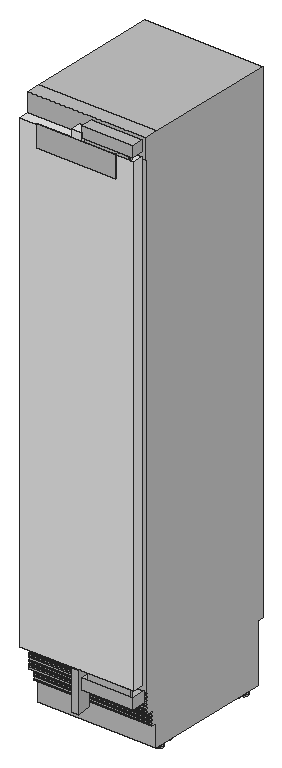
Revit family "FP_Revit_18_RS4621FRJK1_Freezer_90001089A", category Specialty Equipment, Revit 2018
Family settings
  Round Connector Dimension = Use Diameter
  Part Type = Normal
  OmniClass Number = 23.40.40.11.11
  OmniClass Title = Refrigerators and Freezers
  Work Plane-Based = No
  Always vertical = Yes
  Cut with Voids When Loaded = Yes
  Shared = No
  Room Calculation Point = No
Parameters (values of type "RS4621FRK1")
  Visibility - Water Connection = no
  Visibility - Visibility Control Note = yes
  Visibility - Clearance Required = yes
  URL = "www.fisherpaykel.com"
  Stainless Steel Door Panels (RD4612L10D) = no
  Product - Width = 451 mm  # constant formula
  Product - Height = 2134 mm  # constant formula
  Product - Depth (exl front panel) = 610 mm  # constant formula
  Model = "RS4621FRK1"
  Material - Handle = Fisher & Paykel - Aluminium
  Material - Door Structure = Fisher & Paykel - White
  Material - Door Front = Fisher & Paykel - Stainless Steel
  Material - Body = Fisher & Paykel - Grey
  Manufacturer = "Fisher & Paykel Appliances"
  Handle Style - Contemporary Square (AHD3-RD21) = no
  Handle Style - Contemporary Round (AHS-RD21) = no
  Description = "46cm Integrated Column Freezer, stainless steel interior"
  Connector Description - Water = "Water Supply not required"
  Connector Description - Electrical = "230 V, 10 amp fused electrical supply"
  Cavity - Width = 457 mm  # constant formula
  Cavity - Height = 2134 mm  # constant formula
  Cavity - Depth = 650 mm  # constant formula
Types (4, lengths in mm): name | Visibility - Water Connection | Model | Description | Connector Description - Water
  (no name) | no | "RS4621FRK1" | "46cm Integrated Column Freezer, stainless steel interior" | "Water Supply not required"
  RS4621FRJK1 | yes | "RS4621FRJK1" | "46cm Integrated Column Freezer with internal ice maker, stainless steel interior" | "1/2 BSP Stainless steel braided hose"
  RS4621FRK1 | no | "RS4621FRK1" | "46cm Integrated Column Freezer, stainless steel interior" | "Water Supply not required"
  RS4621FRJ1 | yes | "RS4621FRJ1" | "46cm Integrated Column Freezer with internal ice maker, white interior" | "1/2 BSP Stainless steel braided hose"
Reference planes
  plane 1 "Datum": y = 0
  plane 2: z = 0
  plane 3 "Center (Left/Right)": x = 0
  plane 4 "Product LHS": x = -225.5
  plane 5 "Product RHS": x = 225.5
  plane 6 "Product - Depth": y = 610
  plane 7 "Cavity LHS": x = -228.5
  plane 8 "Cavity RHS": x = 228.5
  plane 9 "Cavity - Depth": y = 628
  plane 10 "Handle Offset": x = -162.5
  plane 11 "Product Height": z = 2134
  plane 12 "Cavity Height": z = 2134
  plane 13 "Door Panel Datum": y = -4.1
Forms (mm)
  Extrusion 1, solid, material "Fisher & Paykel - Grey" <- "Material - Body", detail levels fine
    sketch origin (0, 0, 0) x (0, 1, 0) y (0, 0, 1)
      loop
        line (100.1, 19.1) -> (587.9, 19.1) -> (587.9, 239.7) -> (610, 239.7) -> (610, 2131.9) -> (105.1, 2131.9) -> (105.1, 2134) -> (49.9, 2134) -> (49.9, 2059) -> (56, 2059) -> (56, 228.6) -> (59.5, 228.6) -> (59.5, 219.7) -> (56.5, 219.7) -> (56.5, 215.9) -> (59.5, 215.9) -> (59.5, 207) -> (56.5, 207) -> (56.5, 203.2) -> (59.5, 203.2) -> (59.5, 194.3) -> (56.5, 194.3) -> (56.5, 190.5) -> (59.5, 190.5) -> (59.5, 181.6) -> (56.5, 181.6) -> (56.5, 177.8) -> (59.5, 177.8) -> (59.5, 168.9) -> (56.5, 168.9) -> (56.5, 165.1) -> (59.5, 165.1) -> (59.5, 156.2) -> (56.5, 156.2) -> (56.5, 152.4) -> (84.1, 152.4) -> (84.1, 143.5) -> (81.1, 143.5) -> (81.1, 139.7) -> (84.1, 139.7) -> (84.1, 130.8) -> (81.1, 130.8) -> (81.1, 127) -> (84.1, 127) -> (84.1, 118.1) -> (81.1, 118.1) -> (81.1, 114.3) -> (84.1, 114.3) -> (84.1, 105.4) -> (81.1, 105.4) -> (81.1, 101.6) -> (100.1, 101.6) -> (100.1, 19.1)
    from -225.5 to 225.5
  Extrusion 2, solid, material "Fisher & Paykel - Grey" <- "Material - Body"
    sketch origin (0, 0, 0) x (1, 0, 0) y (0, 1, 0)
      loop
        circle (-205, 547.8) r 4.1
      loop
        circle (-205, 141.8) r 4.1
      loop
        circle (205, 547.8) r 4.1
      loop
        circle (205, 141.8) r 4.1
    from 3 to 19.5
  Extrusion 3, solid, material "Fisher & Paykel - Grey" <- "Material - Body"
    sketch origin (0, 0, 0) x (1, 0, 0) y (0, 1, 0)
      loop
        circle (-205, 547.8) r 14.5
      loop
        circle (-205, 141.8) r 14.555
      loop
        circle (205, 547.8) r 14.5
      loop
        circle (205, 141.8) r 14.555
    from 0 to 3
  Extrusion 4, solid, material "Fisher & Paykel - Grey" <- "Material - Body", detail levels fine
    sketch origin (0, 0, 0) x (1, 0, 0) y (0, 1, 0)
      loop
        line (-7.5, 49) -> (-13.797, -4.1) -> (13.797, -4.1) -> (7.5, 49) -> (-7.5, 49)
    from 104.2 to 254.2
  Extrusion 5, solid, material "Fisher & Paykel - Grey" <- "Material - Body", detail levels fine
    sketch origin (0, 0, 0) x (1, 0, 0) y (0, 0, 1)
      loop
        line (213.9, 2123.15) -> (18.92, 2123.15) -> (18.92, 2081.05) -> (213.9, 2081.05) -> (213.9, 2123.15)
    from -49 to -2.5
  Extrusion 6, solid, material "Fisher & Paykel - Grey" <- "Material - Body", detail levels fine
    sketch origin (0, 0, 0) x (1, 0, 0) y (0, 0, 1)
      loop
        line (41.9, 254.2) -> (41.9, 229.75) -> (206.9, 229.75) -> (206.9, 254.2) -> (41.9, 254.2)
      loop
        line (29.5, 2081.05) -> (29.5, 2068.6) -> (206.9, 2068.6) -> (206.9, 2076.05) -> (166.9, 2081.05) -> (29.5, 2081.05)
    from -7 to -4
  Extrusion 7, solid, material "Fisher & Paykel - Grey" <- "Material - Body", detail levels fine
    sketch origin (0, 0, 0) x (0, 1, 0) y (0, 0, 1)
      loop
        line (0, 2070.6) -> (0, 1988.6) -> (2, 1988.6) -> (2, 2068.6) -> (4, 2068.6) -> (4, 2070.6) -> (0, 2070.6)
    from -150 to 150
  Extrusion 8, solid, material "Fisher & Paykel - Grey" <- "Material - Body"
    sketch origin (0, 0, 0) x (1, 0, 0) y (0, 0, 1)
      loop
        circle (150.5, 119.813) r 5
      loop
        circle (-150.5, 119.813) r 5
    from -590 to -587.9
  Extrusion 9, solid, material "Fisher & Paykel - White" <- "Material - Door Structure"
    sketch origin (0, 0, 0) x (1, 0, 0) y (0, 1, 0)
      loop
        line (-200.5, 56) -> (-200.5, 42) -> (200.5, 42) -> (200.5, 56) -> (-200.5, 56)
    from 269.6 to 2030.7
  Extrusion 10, solid, material "Fisher & Paykel - White" <- "Material - Door Structure"
    sketch origin (0, 0, 0) x (1, 0, 0) y (0, 1, 0)
      loop
        line (-216.9, 42) -> (-216.9, 3) -> (216.9, 3) -> (216.9, 42) -> (-216.9, 42)
    from 254.2 to 2068.6
  Extrusion 11, solid, material "Fisher & Paykel - White" <- "Material - Door Structure", detail levels fine
    sketch origin (0, 0, 0) x (1, 0, 0) y (0, 0, 1)
      loop
        line (-18.92, 2100.1) -> (-18.92, 2068.6) -> (18.92, 2068.6) -> (18.92, 2100.1) -> (-18.92, 2100.1)
    from -42 to -3
  Extrusion 12, solid, material "Fisher & Paykel - Stainless Steel" <- "Material - Door Front", visible <- "Stainless Steel Door Panels (RD4612L10D)"
    sketch origin (0, 0, 0) x (0, 1, 0) y (0, 0, 1)
      loop
        line (-22.1, 2130.8) -> (-22.1, 102) -> (-4.1, 102) -> (-4.1, 2130.8) -> (-22.1, 2130.8)
    from -225.5 to 225.5
  Extrusion 13, solid, material "Fisher & Paykel - Grey" <- "Material - Body", detail levels coarse+medium
    sketch origin (0, 0, 0) x (0, 1, 0) y (0, 0, 1)
      loop
        line (49.9, 2134) -> (49.9, 2059) -> (56, 2059) -> (56, 152.4) -> (81.1, 152.4) -> (81.1, 101.6) -> (100.1, 101.6) -> (100.1, 19.1) -> (587.9, 19.1) -> (587.9, 239.7) -> (610, 239.7) -> (610, 2134) -> (49.9, 2134)
    from -225.5 to 225.5
  Extrusion 14, solid, material "Fisher & Paykel - Grey" <- "Material - Body", detail levels fine
    sketch origin (0, 0, 0) x (1, 0, 0) y (0, 0, 1)
      loop
        line (213.9, 187.65) -> (213.9, 229.75) -> (18.92, 229.75) -> (18.92, 187.65) -> (213.9, 187.65)
    from -56 to -2.5
  Extrusion 15, solid, material "Fisher & Paykel - Grey" <- "Material - Body", detail levels fine
    sketch origin (0, 0, -4) x (0, 1, 0) y (0, 0, 1)
      loop
        arc (163.888, 23.1) -> (180.4, 13.63) -> (196.912, 23.1) r 19.13
        line (196.912, 23.1) -> (163.888, 23.1)
      loop
        arc (493.888, 23.1) -> (510.4, 13.63) -> (526.912, 23.1) r 19.13
        line (526.912, 23.1) -> (493.888, 23.1)
    from 191 to 219
  Extrusion 16, solid, material "Fisher & Paykel - Grey" <- "Material - Body", detail levels fine
    sketch origin (0, 0, -4) x (0, 1, 0) y (0, 0, -1)
      loop
        line (163.888, -23.1) -> (196.912, -23.1)
        arc (196.912, -23.1) -> (180.4, -13.63) -> (163.888, -23.1) r 19.13
      loop
        line (493.888, -23.1) -> (526.912, -23.1)
        arc (526.912, -23.1) -> (510.4, -13.63) -> (493.888, -23.1) r 19.13
    from 191 to 219
  Extrusion 17, solid, material "Fisher & Paykel - Clearance Required", visible <- "Visibility - Clearance Required", detail levels coarse
    sketch origin (0, 0, 0) x (1, 0, 0) y (0, 1, 0)
      loop
        line (-228.5, 628) -> (-228.5, -4.1) -> (228.5, -4.1) -> (228.5, 628) -> (-228.5, 628)
    from 0 to 2134
  Extrusion 18, void
    sketch origin (0, 0, 0) x (1, 0, 0) y (0, 1, 0)
      loop
        line (-228.5, 628) -> (-228.5, -22.1) -> (228.5, -22.1) -> (228.5, 628) -> (-228.5, 628)
    from 0 to 2134
  Extrusion 19, solid, material "Fisher & Paykel - Clearance Required", visible <- "Visibility - Clearance Required", detail levels coarse
    sketch origin (0, 0, 0) x (1, 0, 0) y (0, 1, 0)
      loop
        line (225.5, -22) -> (-225.5, -22)
        arc (-225.5, -22) -> (-5.345, -426.678) -> (453.319, -469.812) r 489.999
        line (453.319, -469.812) -> (431.257, -422.5) -> (458.764, -409.673)
        arc (458.764, -409.673) -> (467.405, -384.436) -> (441.854, -376.771) r 18.51
        line (441.854, -376.771) -> (415.635, -389) -> (262.718, -61.136)
        arc (262.718, -61.136) -> (228.121, -56.773) -> (225.5, -22) r 27.557
    from 0 to 2134
Lines and regions (mm)
  model lines, style "Fisher & Paykel"
    curve 1: line (-225.5, -4.1, 2130.8) -> (225.5, -4.1, 2130.8)
    curve 2: line (-225.5, -4.1, 102) -> (-225.5, -4.1, 2130.8)
    curve 3: line (225.5, -4.1, 102) -> (-225.5, -4.1, 102)
    curve 4: line (225.5, -4.1, 2130.8) -> (225.5, -4.1, 102)
Text (mm)
  text "Due to ongoing product development, product details are subject to change without notice. \nPlease always refer to www.fisherpaykel.com for the most current product information. \n© Fisher & Paykel 2020" at (41.04, -588.295, 0), in view "Ref. Level (Plan)"
Dimensions and locks
  equal spacing: plane 4 "Product LHS", plane 3 "Center (Left/Right)", plane 5 "Product RHS"
  "Product - Width": plane 4 "Product LHS" to plane 5 "Product RHS"
  "Product - Depth (exl front panel)": plane 1 "Datum" to plane 6 "Product - Depth"
  equal spacing: plane 7 "Cavity LHS", plane 3 "Center (Left/Right)", plane 8 "Cavity RHS"
  "Cavity - Width": plane 7 "Cavity LHS" to plane 8 "Cavity RHS"
  plane 4 "Product LHS" to Extrusion 2 sketch curve = 24.6 mm
  Extrusion 8 sketch curve to Extrusion 1 = 119.887 mm  (x2)
  Extrusion 8 sketch curve to plane 5 "Product RHS" = 75 mm
  plane 4 "Product LHS" to Extrusion 8 sketch curve = 75 mm
  Extrusion 1 sketch curve to Extrusion 1 sketch curve = 82.5 mm
  Extrusion 1 sketch curve to Extrusion 1 sketch curve = 209.5 mm
  Extrusion 1 sketch curve to Extrusion 1 sketch curve = 220.6 mm
  Extrusion 3 to level = 3 mm
  Extrusion 13 to Extrusion 10 = 235.1 mm
  Extrusion 13 to Extrusion 9 = 250.5 mm
  Extrusion 13 to Extrusion 13 = 2114.9 mm
  "Product - Height": level to plane 11 "Product Height"
  plane 11 "Product Height" to Extrusion 12 = 3.2 mm
  Extrusion 10 to plane 11 "Product Height" = 65.4 mm
  Extrusion 9 to plane 11 "Product Height" = 103.3 mm
  Extrusion 13 sketch curve to plane 11 "Product Height" = 75 mm
  Extrusion 1 sketch curve to plane 11 "Product Height" = 2.1 mm
  Extrusion 1 sketch curve to plane 11 "Product Height" = 75 mm
  "Cavity - Height": plane 12 "Cavity Height" to level
  plane 1 "Datum" to Extrusion 17 = 628 mm
  plane 1 "Datum" to Extrusion 18 = 628 mm
  plane 4 "Product LHS" to plane 10 "Handle Offset" = 63 mm
  Extrusion 12 to Extrusion 6 sketch curve = 58.6 mm
  Extrusion 6 sketch curve to Extrusion 12 = 18.6 mm
  Extrusion 12 to Extrusion 6 sketch curve = 196 mm
  "Cavity - Depth": plane 9 "Cavity - Depth" to Extrusion 19
  Extrusion 19 to plane 1 "Datum" = 22 mm
  radius of Extrusion 8 sketch curve = 5 mm
  aligned and locked: level to plane 2
  aligned and locked: Extrusion 12 to plane 5 "Product RHS"
  aligned and locked: plane 4 "Product LHS" to Extrusion 12
  aligned and locked: Extrusion 13 to plane 5 "Product RHS"
  aligned and locked: Extrusion 13 to plane 4 "Product LHS"
  aligned and locked: Extrusion 13 sketch curve to plane 11 "Product Height"
  aligned and locked: plane 11 "Product Height" to Extrusion 1 sketch curve
  aligned and locked: Extrusion 15 sketch curve to Extrusion 15 sketch curve
  aligned and locked: Extrusion 16 sketch curve to Extrusion 16 sketch curve
  aligned and locked: Extrusion 1 to plane 5 "Product RHS"
  aligned and locked: plane 4 "Product LHS" to Extrusion 1
  aligned and locked: Extrusion 13 sketch curve to Extrusion 1  (x4)
  aligned and locked: nested 3 to plane 10 "Handle Offset"
  aligned and locked: nested 2 to plane 10 "Handle Offset"
  aligned and locked: Extrusion 18 to Extrusion 1
Automatic sketch dimensions
  Extrusion 1 sketch curve to plane 6 "Product - Depth" = 0 mm
  Extrusion 1 sketch curve to Extrusion 1 sketch curve = 22.1 mm
  Extrusion 1 sketch curve to plane 1 "Datum" = 105.1 mm
  level to Extrusion 1 sketch curve = 19.1 mm
  Extrusion 1 sketch curve to plane 1 "Datum" = 100.1 mm
  Extrusion 1 sketch curve to Extrusion 1 sketch curve = 16 mm
  Extrusion 1 sketch curve to Extrusion 1 sketch curve = 0 mm  (x8)
  Extrusion 1 sketch curve to Extrusion 1 sketch curve = 3 mm  (x10)
  Extrusion 1 sketch curve to plane 1 "Datum" = 59.5 mm
  Extrusion 1 sketch curve to plane 1 "Datum" = 56 mm
  Extrusion 1 sketch curve to plane 1 "Datum" = 49.9 mm
  Extrusion 1 sketch curve to Extrusion 1 sketch curve = 3.8 mm  (x10)
  Extrusion 1 sketch curve to Extrusion 1 sketch curve = 8.9 mm  (x9)
  Extrusion 2 sketch curve to plane 4 "Product LHS" = 20.5 mm  (x2)
  plane 5 "Product RHS" to Extrusion 2 sketch curve = 20.5 mm  (x2)
  Extrusion 2 sketch curve to plane 1 "Datum" = 141.8 mm  (x2)
  Extrusion 2 sketch curve to plane 6 "Product - Depth" = 62.2 mm  (x2)
  Extrusion 3 sketch curve to plane 4 "Product LHS" = 20.5 mm  (x2)
  plane 5 "Product RHS" to Extrusion 3 sketch curve = 20.5 mm  (x2)
  Extrusion 3 sketch curve to plane 1 "Datum" = 141.8 mm  (x2)
  Extrusion 3 sketch curve to plane 6 "Product - Depth" = 62.2 mm  (x2)
  plane 1 "Datum" to Extrusion 4 sketch curve = 4.1 mm
  Extrusion 4 sketch curve to plane 3 "Center (Left/Right)" = 13.797 mm
  Extrusion 4 sketch curve to plane 3 "Center (Left/Right)" = 7.5 mm
  plane 3 "Center (Left/Right)" to Extrusion 4 sketch curve = 7.5 mm
  plane 3 "Center (Left/Right)" to Extrusion 4 sketch curve = 13.797 mm
  Extrusion 4 sketch curve to plane 1 "Datum" = 49 mm
  plane 3 "Center (Left/Right)" to Extrusion 5 sketch curve = 18.92 mm
  plane 5 "Product RHS" to Extrusion 5 sketch curve = 11.6 mm
  plane 11 "Product Height" to Extrusion 5 sketch curve = 52.95 mm
  plane 11 "Product Height" to Extrusion 5 sketch curve = 10.85 mm
  plane 3 "Center (Left/Right)" to Extrusion 6 sketch curve = 41.9 mm
  plane 5 "Product RHS" to Extrusion 6 sketch curve = 18.6 mm
  level to Extrusion 6 sketch curve = 229.75 mm
  Extrusion 6 sketch curve to Extrusion 6 sketch curve = 24.45 mm
  plane 11 "Product Height" to Extrusion 6 sketch curve = 65.4 mm
  Extrusion 6 sketch curve to Extrusion 6 sketch curve = 7.45 mm
  Extrusion 6 sketch curve to Extrusion 6 sketch curve = 5 mm
  Extrusion 7 sketch curve to plane 1 "Datum" = 0 mm
  Extrusion 7 sketch curve to plane 1 "Datum" = 2 mm
  Extrusion 7 sketch curve to Extrusion 7 sketch curve = 2 mm  (x2)
  plane 11 "Product Height" to Extrusion 7 sketch curve = 145.4 mm
  plane 11 "Product Height" to Extrusion 7 sketch curve = 65.4 mm
  Extrusion 9 sketch curve to plane 4 "Product LHS" = 25 mm
  plane 5 "Product RHS" to Extrusion 9 sketch curve = 25 mm
  Extrusion 9 sketch curve to plane 1 "Datum" = 42 mm
  Extrusion 9 sketch curve to Extrusion 9 sketch curve = 14 mm
  Extrusion 10 sketch curve to plane 1 "Datum" = 3 mm
  Extrusion 10 sketch curve to plane 4 "Product LHS" = 8.6 mm
  plane 5 "Product RHS" to Extrusion 10 sketch curve = 8.6 mm
  Extrusion 10 sketch curve to Extrusion 10 sketch curve = 39 mm
  Extrusion 11 sketch curve to plane 3 "Center (Left/Right)" = 18.92 mm
  plane 3 "Center (Left/Right)" to Extrusion 11 sketch curve = 18.92 mm
  plane 11 "Product Height" to Extrusion 11 sketch curve = 65.4 mm
  Extrusion 11 sketch curve to Extrusion 11 sketch curve = 31.5 mm
  plane 1 "Datum" to Extrusion 12 sketch curve = 22.1 mm
  plane 1 "Datum" to Extrusion 12 sketch curve = 4.1 mm
  level to Extrusion 12 sketch curve = 102 mm
  plane 11 "Product Height" to Extrusion 12 sketch curve = 3.2 mm
  Extrusion 13 sketch curve to plane 6 "Product - Depth" = 0 mm
  Extrusion 13 sketch curve to plane 6 "Product - Depth" = 22.1 mm
  Extrusion 13 sketch curve to plane 1 "Datum" = 100.1 mm
  Extrusion 13 sketch curve to Extrusion 13 sketch curve = 19 mm
  Extrusion 13 sketch curve to plane 1 "Datum" = 56 mm
  Extrusion 13 sketch curve to plane 1 "Datum" = 49.9 mm
  plane 3 "Center (Left/Right)" to Extrusion 14 sketch curve = 18.92 mm
  plane 5 "Product RHS" to Extrusion 14 sketch curve = 11.6 mm
  level to Extrusion 14 sketch curve = 187.65 mm
  Extrusion 14 sketch curve to Extrusion 14 sketch curve = 42.1 mm
  level to Extrusion 15 sketch curve = 19.1 mm
  Extrusion 15 sketch curve to plane 1 "Datum" = 163.888 mm
  Extrusion 15 sketch curve to Extrusion 15 sketch curve = 16.512 mm  (x2)
  Extrusion 15 sketch curve to plane 6 "Product - Depth" = 116.112 mm
  Extrusion 15 sketch curve to Extrusion 15 sketch curve = 9.66 mm  (x2)
  level to Extrusion 16 sketch curve = 19.1 mm
  Extrusion 16 sketch curve to plane 1 "Datum" = 163.888 mm
  Extrusion 16 sketch curve to Extrusion 16 sketch curve = 16.512 mm  (x2)
  Extrusion 16 sketch curve to plane 6 "Product - Depth" = 116.112 mm
  Extrusion 16 sketch curve to Extrusion 16 sketch curve = 9.66 mm  (x2)
  Extrusion 17 sketch curve to plane 7 "Cavity LHS" = 0 mm
  Extrusion 17 sketch curve to plane 8 "Cavity RHS" = 0 mm
  Extrusion 17 sketch curve to plane 9 "Cavity - Depth" = 0 mm
  plane 1 "Datum" to Extrusion 17 sketch curve = 4.1 mm
  Extrusion 18 sketch curve to plane 7 "Cavity LHS" = 0 mm
  Extrusion 18 sketch curve to plane 8 "Cavity RHS" = 0 mm
  Extrusion 18 sketch curve to plane 9 "Cavity - Depth" = 0 mm
  plane 1 "Datum" to Extrusion 18 sketch curve = 22.1 mm
  Extrusion 19 sketch curve to plane 4 "Product LHS" = 0 mm
  plane 5 "Product RHS" to Extrusion 19 sketch curve = 0 mm
  Extrusion 19 sketch curve to plane 8 "Cavity RHS" = 19.59 mm
  Extrusion 19 sketch curve to Extrusion 19 sketch curve = 14.629 mm
  plane 1 "Datum" to Extrusion 19 sketch curve = 17.663 mm
  Extrusion 19 sketch curve to Extrusion 19 sketch curve = 16.39 mm
  Extrusion 19 sketch curve to plane 8 "Cavity RHS" = 187.135 mm
  Extrusion 19 sketch curve to Extrusion 19 sketch curve = 15.622 mm
  Extrusion 19 sketch curve to Extrusion 19 sketch curve = 26.219 mm
  Extrusion 19 sketch curve to Extrusion 19 sketch curve = 9.088 mm
  Extrusion 19 sketch curve to Extrusion 19 sketch curve = 22.062 mm
  Extrusion 19 sketch curve to Extrusion 19 sketch curve = 7.823 mm
  plane 1 "Datum" to Extrusion 19 sketch curve = 22 mm
  Extrusion 19 sketch curve to Extrusion 19 sketch curve = 20.12 mm
  Extrusion 19 sketch curve to Extrusion 19 sketch curve = 93.041 mm
  Extrusion 19 sketch curve to Extrusion 19 sketch curve = 16.126 mm
  plane 5 "Product RHS" to curve 1 = 0 mm
  plane 4 "Product LHS" to curve 3 = 0 mm
  level to curve 3 = 102 mm
  plane 11 "Product Height" to curve 2 = 3.2 mm
  radius of Extrusion 2 sketch curve = 4.1 mm  (x3)
  radius of Extrusion 3 sketch curve = 14.5 mm  (x2)
  radius of Extrusion 3 sketch curve = 14.555 mm  (x2)
  radius of Extrusion 8 sketch curve = 5 mm
Nested families
  nested 1: "Visibility Control Note 18" at (0, 0, 0), visible <- "Visibility - Visibility Control Note", type "Visibility Control Note 18"
  nested 2: "Handle Contemporary Round - Vertical" at (-162.5, -22.1, 1242.58), visible <- "Handle Style - Contemporary Round (AHS-RD21)", type "AHS-RD21 - Contemporary round handle (Vertical) 852mm"
  nested 3: "Handle Contemporary Square - Vertical" at (-162.5, -22.1, 1242.58), visible <- "Handle Style - Contemporary Square (AHD3-RD21)", type "AHD3-RD21 - Contemporary square handle (Vertical) 852mm"
Connectors
  electrical at (-150.5, 590, 119.813), driven by "Connector Description - Electrical"
    settings: on Extrusion 8, index 1, voltage 230 V, apparent load 0 VA, apparent load phase1 0 VA, apparent load phase2 0 VA, apparent load phase3 0 VA, power factor 1, load classification "Other", number of poles 1, system type 30, power factor state 1, is connector primary yes, connector utility no, sub classification motor no, connector description "230 V, 10 amp fused electrical supply"
  piping at (150.5, 590, 119.813), diameter 12.7, driven by "Connector Description - Water", driven by "Visibility - Water Connection"
    settings: on Extrusion 8, index 2, connector inside diameter 609.6 mm, connector length 0 mm, flow factor 0, pipe flow 0.0 L/s, pressure drop 0.0 Pa, fitting loss kfactor 0, connector angle 0.00°, fixture units 0, engagement length 0 mm, angle of deflection 0.00°, flow configuration 0, flow direction 1, fitting loss method 0, system type 20, joint type 0, gender type 0, connector reference index -1, connector utility 0, adjustable connector no, is connector primary yes, connector description "Water Supply not required"
Definition of nested family "Handle Contemporary Round - Vertical"
  Parameters (values of type "AHSRS80A - Contemporary round handle (1 of 2) (Vertical) 727mm")
    URL = "www.fisherpaykel.com"
    Material - Handle = none
    Manufacturer = "Fisher & Paykel Appliances"
    Handle - Length = 727 mm
  Types (6, lengths in mm): name | Handle - Length
    AHS-RD21 - Contemporary round handle (Vertical) 852mm | 852
    AHSRD2484W - Contemporary round handle (1 of 2) (Vertical) 727mm | 727
    AHSRD3084W - Contemporary round handle (1 of 2) (Vertical) 727mm | 727
    AHS-RD84 - Contemporary round handle (Vertical) 852mm | 852
    AHSRS3272A - Contemporary round handle (1 of 2) (Vertical) 727mm | 727
    AHSRS80A - Contemporary round handle (1 of 2) (Vertical) 727mm | 727
  Reference planes
    plane 1 "Center (Front/Back)": y = 0
    plane 2: z = 0
    plane 3 "Center (Left/Right)": x = 0
    plane 4 "Top": z = 363.5
    plane 5 "Bottom": z = -363.5
    plane 6 "Top Standoff": z = 243.5
    plane 7 "Bottom Standoff": z = -243.5
  Forms (mm)
    Extrusion 1, solid, material <- "Material - Handle"
      sketch origin (0, 0, 0) x (1, 0, 0) y (0, 1, 0)
        loop
          circle (0, -32.3) r 8.7
      from -243.5 to 243.5
    Extrusion 2, solid, material <- "Material - Handle", detail levels fine
      sketch origin (0, 0, 0) x (1, 0, 0) y (0, 1, 0)
        loop
          line (-8.7, 0) -> (-8.7, -32.3)
          arc (-8.7, -32.3) -> (0, -41) -> (8.7, -32.3) r 8.7
          line (8.7, -32.3) -> (8.7, 0) -> (-8.7, 0)
      from 243.5 to 363.5
    Extrusion 3, solid, material <- "Material - Handle", detail levels fine
      sketch origin (0, 0, 0) x (1, 0, 0) y (0, 1, 0)
        loop
          line (-8.7, 0) -> (-8.7, -32.3)
          arc (-8.7, -32.3) -> (0, -41) -> (8.7, -32.3) r 8.7
          line (8.7, -32.3) -> (8.7, 0) -> (-8.7, 0)
      from -363.5 to -243.5
    Sweep 4, void
      path in 3D
        loop
          line (8.7, 0, -363.5) -> (8.7, -32.3, -363.5)
          arc (8.7, -32.3, -363.5) -> (0, -41, -363.5) -> (-8.7, -32.3, -363.5) r 8.7
          line (-8.7, -32.3, -363.5) -> (-8.7, 0, -363.5)
      profile origin (8.7, -16.15, -363.5) x (-1, 0, 0) y (0, 0, -1)
        loop
          line (0, 0) -> (0, -1) -> (1, 0) -> (0, 0)
    Sweep 5, void
      path in 3D
        loop
          line (-8.7, 0, 363.5) -> (-8.7, -32.3, 363.5)
          arc (-8.7, -32.3, 363.5) -> (0, -41, 363.5) -> (8.7, -32.3, 363.5) r 8.7
          line (8.7, -32.3, 363.5) -> (8.7, 0, 363.5)
      profile origin (8.7, -16.15, 363.5) x (-1, 0, 0) y (0, 0, 1)
        loop
          line (0, 0) -> (0, -1) -> (1, 0) -> (0, 0)
    Extrusion 6, solid, material <- "Material - Handle", detail levels coarse+medium
      sketch origin (0, 0, 0) x (1, 0, 0) y (0, 1, 0)
        loop
          line (-8.7, 0) -> (-8.7, -32.3)
          arc (-8.7, -32.3) -> (0, -41) -> (8.7, -32.3) r 8.7
          line (8.7, -32.3) -> (8.7, 0) -> (-8.7, 0)
      from 243.5 to 363.5
    Extrusion 7, solid, material <- "Material - Handle", detail levels coarse+medium
      sketch origin (0, 0, 0) x (1, 0, 0) y (0, 1, 0)
        loop
          line (-8.7, 0) -> (-8.7, -32.3)
          arc (-8.7, -32.3) -> (0, -41) -> (8.7, -32.3) r 8.7
          line (8.7, -32.3) -> (8.7, 0) -> (-8.7, 0)
      from -363.5 to -243.5
  Cuts and joins
    Sweep 4 cuts Extrusion 3
    Sweep 5 cuts Extrusion 2
  Lines and regions (mm)
    sketch lines
      curve 1: line (8.7, 0, -363.5) -> (8.7, -32.3, -363.5)
      curve 2: arc (-8.7, -32.3, -363.5) -> (0, -41, -363.5) -> (8.7, -32.3, -363.5) r 8.7
      curve 3: line (-8.7, -32.3, -363.5) -> (-8.7, 0, -363.5)
      curve 4: line (8.7, -32.3, 363.5) -> (8.7, 0, 363.5)
      curve 5: arc (8.7, -32.3, 363.5) -> (0, -41, 363.5) -> (-8.7, -32.3, 363.5) r 8.7
      curve 6: line (-8.7, 0, 363.5) -> (-8.7, -32.3, 363.5)
  Dimensions and locks
    equal spacing: plane 4 "Top", level, plane 5 "Bottom"
    "Handle - Length": plane 4 "Top" to plane 5 "Bottom"
    locked: plane 4 "Top" to plane 6 "Top Standoff" at 120
    locked: plane 7 "Bottom Standoff" to plane 5 "Bottom" at 120
    Extrusion 2 sketch curve to Extrusion 2 sketch curve = 17.4 mm
    Extrusion 3 sketch curve to Extrusion 3 sketch curve = 17.4 mm
    Extrusion 6 sketch curve to Extrusion 6 sketch curve = 17.4 mm
    Extrusion 7 sketch curve to Extrusion 7 sketch curve = 17.4 mm
    aligned and locked: level to plane 2
    aligned and locked: plane 4 "Top" to Extrusion 2
    aligned and locked: Extrusion 3 to plane 5 "Bottom"
    aligned and locked: plane 7 "Bottom Standoff" to Extrusion 3
    aligned and locked: Extrusion 1 to plane 7 "Bottom Standoff"
    aligned and locked: plane 6 "Top Standoff" to Extrusion 1
    aligned and locked: Extrusion 2 to Extrusion 1
    aligned and locked: Extrusion 6 to Extrusion 1
    aligned and locked: plane 4 "Top" to Extrusion 6
    aligned and locked: Extrusion 7 to Extrusion 1
    aligned and locked: Extrusion 7 to plane 5 "Bottom"
  Automatic sketch dimensions
    Extrusion 1 sketch curve to plane 3 "Center (Left/Right)" = 0 mm
    plane 1 "Center (Front/Back)" to Extrusion 1 sketch curve = 32.3 mm
    plane 1 "Center (Front/Back)" to Extrusion 2 sketch curve = 0 mm
    Extrusion 2 sketch curve to plane 3 "Center (Left/Right)" = 0 mm
    Extrusion 2 sketch curve to plane 3 "Center (Left/Right)" = 8.7 mm
    plane 1 "Center (Front/Back)" to Extrusion 2 sketch curve = 32.3 mm
    plane 1 "Center (Front/Back)" to Extrusion 3 sketch curve = 0 mm
    Extrusion 3 sketch curve to plane 3 "Center (Left/Right)" = 0 mm
    Extrusion 3 sketch curve to plane 3 "Center (Left/Right)" = 8.7 mm
    plane 1 "Center (Front/Back)" to Extrusion 3 sketch curve = 32.3 mm
    Sweep 4 sketch curve to profile plane = 0 mm  (x2)
    Sweep 4 sketch curve to profile plane = 1 mm  (x2)
    Sweep 5 sketch curve to profile plane = 0 mm  (x2)
    Sweep 5 sketch curve to profile plane = 1 mm  (x2)
    Extrusion 6 sketch curve to plane 3 "Center (Left/Right)" = 0 mm
    Extrusion 6 sketch curve to plane 3 "Center (Left/Right)" = 8.7 mm
    plane 1 "Center (Front/Back)" to Extrusion 6 sketch curve = 32.3 mm
    Extrusion 6 sketch curve to Extrusion 6 sketch curve = 32.3 mm
    Extrusion 7 sketch curve to plane 3 "Center (Left/Right)" = 0 mm
    Extrusion 7 sketch curve to plane 3 "Center (Left/Right)" = 8.7 mm
    plane 1 "Center (Front/Back)" to Extrusion 7 sketch curve = 32.3 mm
    Extrusion 7 sketch curve to Extrusion 7 sketch curve = 32.3 mm
    radius of Extrusion 1 sketch curve = 8.7 mm
Definition of nested family "Handle Contemporary Square - Vertical"
  Parameters (values of type "AHD3RS80A - Contemporary square handle (1 of 2) (Vertical) 727mm")
    URL = "www.fisherpaykel.com"
    Material - Handle = none
    Manufacturer = "Fisher & Paykel Appliances"
    Handle - Length = 727 mm
  Types (7, lengths in mm): name | Handle - Length
    (no name) | 727
    AHD3-RD21 - Contemporary square handle (Vertical) 852mm | 852
    AHD3RD2484W - Contemporary square handle (1 of 2) (Vertical) 727mm | 727
    AHD3RD3084W - Contemporary square handle (1 of 2) (Vertical) 727mm | 727
    AHD3-RD84 - Contemporary square handle (Vertical) 852mm | 852
    AHD3RS3272A - Contemporary square handle (1 of 2) (Vertical) 727mm | 727
    AHD3RS80A - Contemporary square handle (1 of 2) (Vertical) 727mm | 727
  Reference planes
    plane 1 "Center (Front/Back)": y = 0
    plane 2: z = 0
    plane 3 "Center (Left/Right)": x = 0
    plane 4 "Top": z = 363.5
    plane 5 "Bottom": z = -363.5
    plane 6 "Top Standoff": z = 243.5
    plane 7 "Bottom Standoff": z = -243.5
  Forms (mm)
    Extrusion 1, solid, material <- "Material - Handle", detail levels fine
      sketch origin (0, 0, 0) x (1, 0, 0) y (0, 1, 0)
        loop
          arc (-7.583, -28.701) -> (-7.89, -29.057) -> (-8, -29.514) r 1
          line (-8, -29.514) -> (-8, -40.5)
          arc (-8, -40.5) -> (-7.561, -41.561) -> (-6.5, -42) r 1.5
          line (-6.5, -42) -> (6.5, -42)
          arc (6.5, -42) -> (7.561, -41.561) -> (8, -40.5) r 1.5
          line (8, -40.5) -> (8, -29.487)
          arc (8, -29.487) -> (7.889, -29.029) -> (7.58, -28.673) r 1
          arc (7.58, -28.673) -> (-0.006, -26.256) -> (-7.583, -28.701) r 13.038
      from -363.5 to 363.5
    Extrusion 2, solid, material <- "Material - Handle", detail levels fine
      sketch origin (0, 0, 0) x (1, 0, 0) y (0, 1, 0)
        loop
          arc (7.058, -28.23) -> (7.466, -28.244) -> (7.674, -27.893) r 0.4
          line (7.674, -27.893) -> (7.674, 0) -> (-7.674, 0) -> (-7.674, -27.86)
          arc (-7.674, -27.86) -> (-7.467, -28.21) -> (-7.06, -28.198) r 0.4
          arc (-7.06, -28.198) -> (0.004, -26.156) -> (7.058, -28.23) r 13.136
      from 243.5 to 363.5
    Extrusion 3, solid, material <- "Material - Handle", detail levels fine
      sketch origin (0, 0, 0) x (1, 0, 0) y (0, 1, 0)
        loop
          arc (7.058, -28.23) -> (7.466, -28.244) -> (7.674, -27.893) r 0.4
          line (7.674, -27.893) -> (7.674, 0) -> (-7.674, 0) -> (-7.674, -27.86)
          arc (-7.674, -27.86) -> (-7.467, -28.21) -> (-7.06, -28.198) r 0.4
          arc (-7.06, -28.198) -> (0.004, -26.156) -> (7.058, -28.23) r 13.136
      from -363.5 to -243.5
    Sweep 4, void
      path in 3D
        loop
          line (-8, -29.514, 363.5) -> (-8, -40.5, 363.5)
          arc (-8, -40.5, 363.5) -> (-7.561, -41.561, 363.5) -> (-6.5, -42, 363.5) r 1.5
          line (-6.5, -42, 363.5) -> (6.5, -42, 363.5)
          arc (6.5, -42, 363.5) -> (7.561, -41.561, 363.5) -> (8, -40.5, 363.5) r 1.5
          line (8, -40.5, 363.5) -> (8, -29.487, 363.5)
      profile origin (8, -34.994, 363.5) x (-1, 0, 0) y (0, 0, 1)
        loop
          line (0, 0) -> (0, -1.3) -> (1.3, 0) -> (0, 0)
    Sweep 5, void
      path in 3D
        loop
          line (8, -29.487, -363.5) -> (8, -40.5, -363.5)
          arc (8, -40.5, -363.5) -> (7.561, -41.561, -363.5) -> (6.5, -42, -363.5) r 1.5
          line (6.5, -42, -363.5) -> (-6.5, -42, -363.5)
          arc (-6.5, -42, -363.5) -> (-7.561, -41.561, -363.5) -> (-8, -40.5, -363.5) r 1.5
          line (-8, -40.5, -363.5) -> (-8, -29.514, -363.5)
      profile origin (8, -34.994, -363.5) x (-1, 0, 0) y (0, 0, -1)
        loop
          line (0, 0) -> (0, -1.3) -> (1.3, 0) -> (0, 0)
    Extrusion 6, void
      sketch origin (0, 0, 0) x (1, 0, 0) y (0, 0, 1)
        loop
          line (-8, -362.2) -> (-8, -363.5) -> (-6.7, -363.5) -> (-8, -362.2)
        loop
          line (8, -362.2) -> (6.7, -363.5) -> (8, -363.5) -> (8, -362.2)
      from 0 to 40
    Extrusion 7, void
      sketch origin (0, 0, 0) x (1, 0, 0) y (0, 0, 1)
        loop
          line (-8, 363.5) -> (-8, 362.2) -> (-6.7, 363.5) -> (-8, 363.5)
        loop
          line (8, 363.5) -> (6.7, 363.5) -> (8, 362.2) -> (8, 363.5)
      from 0 to 40
    Extrusion 8, solid, material <- "Material - Handle", detail levels coarse+medium
      sketch origin (0, 0, 0) x (0, 1, 0) y (0, 0, 1)
        loop
          line (0, 363.5) -> (-42, 363.5) -> (-42, -363.5) -> (0, -363.5) -> (0, -243.5) -> (-26.245, -243.5) -> (-26.245, 243.5) -> (0, 243.5) -> (0, 363.5)
      from -8 to 8
  Cuts and joins
    Sweep 4, Sweep 5, Extrusion 6, Extrusion 7 cuts Extrusion 1
    Extrusion 6 cuts Extrusion 3
    Extrusion 7 cuts Extrusion 2
  Lines and regions (mm)
    sketch lines
      curve 1: line (8, -40.5, 363.5) -> (8, -29.487, 363.5)
      curve 2: arc (8, -40.5, 363.5) -> (7.561, -41.561, 363.5) -> (6.5, -42, 363.5) r 1.5
      curve 3: line (-6.5, -42, 363.5) -> (6.5, -42, 363.5)
      curve 4: arc (-6.5, -42, 363.5) -> (-7.561, -41.561, 363.5) -> (-8, -40.5, 363.5) r 1.5
      curve 5: line (-8, -29.514, 363.5) -> (-8, -40.5, 363.5)
      curve 6: line (8, -29.487, -363.5) -> (8, -40.5, -363.5)
      curve 7: arc (6.5, -42, -363.5) -> (7.561, -41.561, -363.5) -> (8, -40.5, -363.5) r 1.5
      curve 8: line (6.5, -42, -363.5) -> (-6.5, -42, -363.5)
      curve 9: arc (-8, -40.5, -363.5) -> (-7.561, -41.561, -363.5) -> (-6.5, -42, -363.5) r 1.5
      curve 10: line (-8, -40.5, -363.5) -> (-8, -29.514, -363.5)
  Dimensions and locks
    equal spacing: plane 4 "Top", level, plane 5 "Bottom"
    "Handle - Length": plane 4 "Top" to plane 5 "Bottom"
    locked: plane 4 "Top" to plane 6 "Top Standoff" at 120
    locked: plane 7 "Bottom Standoff" to plane 5 "Bottom" at 120
    aligned and locked: level to plane 2
    aligned and locked: plane 4 "Top" to Extrusion 2
    aligned and locked: Extrusion 2 to plane 6 "Top Standoff"
    aligned and locked: plane 4 "Top" to Extrusion 1
    aligned and locked: Extrusion 1 to plane 5 "Bottom"
    aligned and locked: Extrusion 3 to plane 5 "Bottom"
    aligned and locked: plane 7 "Bottom Standoff" to Extrusion 3
    aligned and locked: plane 4 "Top" to Extrusion 8 sketch curve
    aligned and locked: plane 6 "Top Standoff" to Extrusion 8 sketch curve
    aligned and locked: plane 7 "Bottom Standoff" to Extrusion 8 sketch curve
    aligned and locked: plane 5 "Bottom" to Extrusion 8 sketch curve
    aligned and locked: plane 1 "Center (Front/Back)" to Extrusion 8 sketch curve  (x2)
  Automatic sketch dimensions
    Extrusion 1 sketch curve to plane 3 "Center (Left/Right)" = 8 mm
    Extrusion 1 sketch curve to Extrusion 1 sketch curve = 1 mm  (x2)
    Extrusion 1 sketch curve to Extrusion 1 sketch curve = 1.5 mm
    plane 3 "Center (Left/Right)" to Extrusion 1 sketch curve = 0.018 mm
    plane 3 "Center (Left/Right)" to Extrusion 1 sketch curve = 6.5 mm
    plane 3 "Center (Left/Right)" to Extrusion 1 sketch curve = 7 mm
    plane 1 "Center (Front/Back)" to Extrusion 1 sketch curve = 42 mm
    Extrusion 1 sketch curve to Extrusion 1 sketch curve = 1.206 mm
    Extrusion 1 sketch curve to Extrusion 1 sketch curve = 10.986 mm
    Extrusion 1 sketch curve to Extrusion 1 sketch curve = 11.013 mm
    Extrusion 1 sketch curve to Extrusion 1 sketch curve = 0 mm
    plane 1 "Center (Front/Back)" to Extrusion 2 sketch curve = 0 mm
    Extrusion 2 sketch curve to plane 3 "Center (Left/Right)" = 7.674 mm
    Extrusion 2 sketch curve to Extrusion 2 sketch curve = 0.4 mm  (x2)
    Extrusion 2 sketch curve to plane 3 "Center (Left/Right)" = 0.026 mm
    plane 3 "Center (Left/Right)" to Extrusion 2 sketch curve = 7.274 mm
    plane 1 "Center (Front/Back)" to Extrusion 2 sketch curve = 27.86 mm
    Extrusion 2 sketch curve to Extrusion 2 sketch curve = 0.033 mm
    Extrusion 2 sketch curve to Extrusion 2 sketch curve = 11.398 mm
    Extrusion 2 sketch curve to Extrusion 2 sketch curve = 0 mm
    plane 1 "Center (Front/Back)" to Extrusion 3 sketch curve = 0 mm
    Extrusion 3 sketch curve to Extrusion 3 sketch curve = 0.4 mm  (x2)
    Extrusion 3 sketch curve to Extrusion 3 sketch curve = 7.248 mm
    Extrusion 3 sketch curve to Extrusion 3 sketch curve = 7.3 mm
    plane 1 "Center (Front/Back)" to Extrusion 3 sketch curve = 27.86 mm
    Extrusion 3 sketch curve to Extrusion 3 sketch curve = 0.033 mm
    Extrusion 3 sketch curve to Extrusion 3 sketch curve = 11.398 mm
    Extrusion 3 sketch curve to Extrusion 3 sketch curve = 0 mm
    Sweep 4 sketch curve to profile plane = 0 mm  (x2)
    Sweep 4 sketch curve to profile plane = 1.3 mm  (x2)
    Sweep 5 sketch curve to profile plane = 0 mm  (x2)
    Sweep 5 sketch curve to profile plane = 1.3 mm  (x2)
    Extrusion 6 sketch curve to plane 5 "Bottom" = 0 mm  (x2)
    plane 5 "Bottom" to Extrusion 6 sketch curve = 1.3 mm  (x2)
    Extrusion 6 sketch curve to plane 3 "Center (Left/Right)" = 8 mm
    Extrusion 6 sketch curve to Extrusion 6 sketch curve = 1.3 mm  (x2)
    plane 3 "Center (Left/Right)" to Extrusion 6 sketch curve = 8 mm
    Extrusion 7 sketch curve to plane 4 "Top" = 0 mm  (x2)
    Extrusion 7 sketch curve to plane 3 "Center (Left/Right)" = 8 mm
    Extrusion 7 sketch curve to Extrusion 7 sketch curve = 1.3 mm  (x2)
    plane 3 "Center (Left/Right)" to Extrusion 7 sketch curve = 8 mm
    Extrusion 7 sketch curve to plane 4 "Top" = 1.3 mm  (x2)
    plane 1 "Center (Front/Back)" to Extrusion 8 sketch curve = 26.245 mm
    plane 1 "Center (Front/Back)" to Extrusion 8 sketch curve = 42 mm
    Extrusion 3 sketch curve to plane 3 "Center (Left/Right)" = 7.674 mm
Definition of nested family "Visibility Control Note 18"
  Types (3): name
    New
    Resolved
    Active
  Reference planes
    plane 1: y = 0
    plane 2: x = 0
  Text (mm)
    text "Edit Type: \nTo control handle kit \nand door panel visibility\n options\n\nDelete unwanted kits \nto reduce file size" at (-0.165, 35.556, 0)
